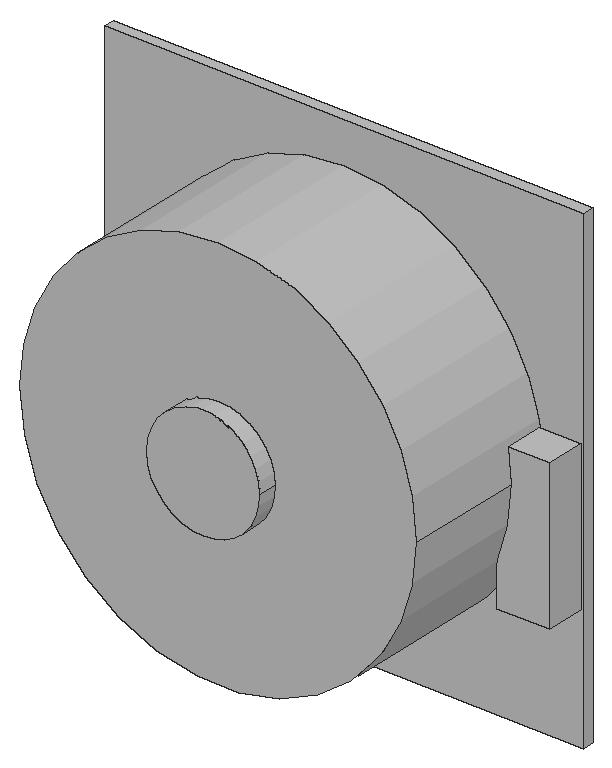
Revit family "ef-30_40b(t)sxc2_d(t)sxc2-f_50Hz", category 機械設備, Revit 2019
Family settings
  丸型コネクタ寸法 = 直径を使用
  パーツ タイプ = 標準
  OmniClass 番号 = 23.75.35.21.17
  OmniClass タイトル = Industrial Ventilating Equipment
  作業面ベース = いいえ
  常に垂直 = はい
  ロード時にボイドで切り取り = はい
  共有 = いいえ
  部屋計算ポイント = はい
Parameters (values of type "EF-30BSXC2-F")
  騒音レベル(dB(A)) [instance] = 39.5
  風量 [instance] = 設計風量  # 0.0 m³/h
  電源種別 [instance] = ""
  電圧 = 100 V
  電動機出力 = 50 W
  電動機_種別 [instance] = ""
  運転質量 = 0.00 kg
  連動 [instance] = ""
  質量 = if(製品質量 > 運転質量, 製品質量, 運転質量) * 1.2  # 6.48 kg
  負荷分類 = 3_ファン類
  説明 = "産業用有圧換気扇 低騒音形ステンレスタイプ オールステンレス高耐食タイプ 排気専用"
  設計風量 [instance] = 0.0 m³/h
  設置方法 = "壁付"
  記号 [instance] = ""
  製造元 = "三菱電機株式会社"
  製品質量 = 5.40 kg
  製品出荷対象 = "国内"
  製品リリース年月 = "2022年6月1日"
  製品グループ = ""
  羽根径 = "∅300"
  レグ_Depth = 147.5 mm
  系統 [instance] = ""
  符号 [instance] = if(☑給気／□排気, "FS", "FE")  # "FE"
  積算_科目 = ""
  積算_拾い区分 [instance] = ""
  相 = 1
  盤記号 [instance] = ""
  盤工事区分 = ""
  発停方法 [instance] = ""
  特殊仕様 [instance] = ""
  火災停止 [instance] = ""
  消費電力 = 61 W
  法定耐用年数 = "15"
  極数 = 2
  極 = 4
  材質 [instance] = ""
  操作・制御方式 = ""
  操作・制御スイッチ = ""
  排気量 [instance] = if(☑給気／□排気, 0.0 m³/h, 設計風量)  # 0.0 m³/h
  形式 = ""
  幹線記号 [instance] = ""
  対象室 [instance] = ""
  実風量 [instance] = 0.0 m³/h
  始動方式 [instance] = "直入"
  外気量 [instance] = if(☑給気／□排気, 設計風量, 0.0 m³/h)  # 0.0 m³/h
  呼称 = "有圧扇"
  周波数 = 50 Hz
  参照している仕様書等のバージョン = ""
  分類コード = "50052503100110"
  分類グループ = ""
  価格 = 245000
  企業コード = "108420"
  付属品_防振装置 = ""
  付属品 [instance] = ""
  仕様書バージョン = "Version1.0"
  レグ_Width = 413 mm
  レグ_Height = 413 mm
  モーター径 = 99 mm
  モデル = "EF-30BSXC2-F"
  ボックス_Width = 46.1 mm
  ボックス_Height = 130.6 mm
  ボックス_Depth = 44.8 mm
  フレームの厚さ = 10 mm
  ファンの種類 = "軸流羽根"
  コメント [instance] = ""
  Keynote = ""
  オリフィス_Depth = 50 mm
  ☑給気／□排気 [instance] = no
  Width = 420 mm
  Version = ""
  Uniclass2015Version = "Systems v1.9"
  Uniclass2015Title = "Propeller fans"
  Uniclass2015Code = "Pr_65_67_29_67"
  URL = "https://www.mitsubishielectric.co.jp/ldg/wink/ssl/displayProduct.do?pid=319155"
  SpecificationReference = ""
  SpecificationDescription = ""
  Revision = ""
  ProductInformation = ""
  OmniClassCode = "23-33 31 19 11 17"
  MIN風量 = 0.0 m³/h
  MID風量 = 0.0 m³/h
  MAX風量 = 1680.0 m³/h
  IfcTypeProduct = ""
  IfcProduct = ""
  IfcExportType = "TUBEAXIAL"
  IfcExportAs = "IfcFanType"
  Height = 420 mm
  オリフィス径 = 348 mm
  Depth = 164 mm
  Box_W = 162 mm
  Box_H = 108.2 mm
  Author = "三菱電機株式会社"
Types (6, lengths in mm): name | 騒音レベル(dB(A)) | 電圧 | 電動機出力 | 質量 | 製品質量 | 羽根径 | レグ_Depth | 相 | 消費電力 | 極数 | 価格 | モーター径 | モデル | ボックス_Width | ボックス_Height | ボックス_Depth | オリフィス_Depth | Width | URL | MAX風量 | Height | オリフィス径 | Depth | Box_W | Box_H
  EF-30BSXC2-F | 39.5 | 100 V | 50 W | 6.48 kg | 5.40 kg | "∅300" | 147.5 | 1 | 61 W | 2 | 245000 | 99 | "EF-30BSXC2-F" | 46.1 | 130.6 | 44.8 | 50 | 420 | "https://www.mitsubishielectric.co.jp/ldg/wink/ssl/displayProduct.do?pid=319155" | 1680.0 m³/h | 420 | 348 | 164 | 162 | 108.2
  EF-40DSXC2-F | 48.5 | 100 V | 200 W | 15.00 kg | 12.50 kg | "∅400" | 198.5 | 1 | 127 W | 2 | 303000 | 113 | "EF-40DSXC2-F" | 46.7 | 131.4 | 57.8 | 70 | 520 | "https://www.mitsubishielectric.co.jp/ldg/wink/ssl/displayProduct.do?pid=318476" | 3760.0 m³/h | 520 | 476 | 225 | 213.3 | 184.8
  EF-30BTXC2-F_200V | 39.5 | 200 V | 50 W | 6.60 kg | 5.50 kg | "∅300" | 147.5 | 3 | 56 W | 3 | 245000 | 99 | "EF-30BTXC2-F" | 46.1 | 130.6 | 44.8 | 50 | 420 | "https://www.mitsubishielectric.co.jp/ldg/wink/ssl/displayProduct.do?pid=319161" | 1680.0 m³/h | 420 | 348 | 164 | 162 | 108.2
  EF-40DTXC2-F_200V | 49.5 | 200 V | 200 W | 15.00 kg | 12.50 kg | "∅400" | 198.5 | 3 | 125 W | 3 | 303000 | 113 | "EF-40DTXC2-F" | 46.7 | 131.4 | 57.8 | 70 | 520 | "https://www.mitsubishielectric.co.jp/ldg/wink/ssl/displayProduct.do?pid=318482" | 3760.0 m³/h | 520 | 476 | 225 | 213.3 | 184.8
  EF-30BTXC2-F_220V | 41 | 220 V | 50 W | 6.60 kg | 5.50 kg | "∅300" | 147.5 | 3 | 70.6 W | 3 | 245000 | 99 | "EF-30BTXC2-F" | 46.1 | 130.6 | 44.8 | 50 | 420 | "https://www.mitsubishielectric.co.jp/ldg/wink/ssl/displayProduct.do?pid=319161" | 1680.0 m³/h | 420 | 348 | 164 | 162 | 108.2
  EF-40DTXC2-F_220V | 49.5 | 220 V | 200 W | 15.00 kg | 12.50 kg | "∅400" | 198.5 | 3 | 135 W | 3 | 303000 | 113 | "EF-40DTXC2-F" | 46.7 | 131.4 | 57.8 | 70 | 520 | "https://www.mitsubishielectric.co.jp/ldg/wink/ssl/displayProduct.do?pid=318482" | 3760.0 m³/h | 520 | 476 | 225 | 213.3 | 184.8
Reference planes
  plane 1 "中心(正面/背面)": y = 0
  plane 2: z = 0
  plane 3 "中心(左/右)": x = 0
  plane 4: z = 0
  plane 5: through (212.832, -1524, 243.759) normal (-0.6508, 0, -0.7593)
  plane 6: through (-212.884, -1524, -243.751) normal (0.6508, 0, 0.7593)
  plane 7: through (208.307, -1524, -247.63) normal (-0.6508, 0, 0.7593)
  plane 8: z = 210
  plane 9: z = -210
  plane 10 "左": x = -210
  plane 11 "右": x = 210
  plane 12 "正面": y = -164
  plane 13: y = -10
  plane 14: through (-208.307, -1524, -247.63) normal (-0.6508, 0, -0.7593)
  plane 15: y = 86
  plane 16: y = 186
  plane 17: x = -250
  plane 18: x = 250
  plane 19: y = -44.8
  plane 20: y = -147.5
  plane 21: x = 162
  plane 22: x = 208.1
  plane 23: z = 28.8
  plane 24: z = -101.8
Forms (mm)
  Extrusion 1, solid, detail levels fine
    sketch origin (0, 0, 0) x (1, 0, 0) y (0, 1, 0)
      loop
        line (-210, 0) -> (-210, -10) -> (210, -10) -> (210, 0) -> (-210, 0)
    from -210 to 210
  Extrusion 2, solid, detail levels fine
    sketch origin (140, -23.659, 0) x (-1, 0, 0) y (0, 0, -1)
      loop
        circle (140, 0) r 49.5
    from 123.841 to 140.341
  Extrusion 3, solid
    sketch origin (0, -153.783, 0) x (1, 0, 0) y (0, 0, 1)
      loop
        circle (0, 0) r 174
    from -143.783 to -6.283
  Extrusion 4, solid
    sketch origin (0, -164, 0) x (0, 0, -1) y (1, 0, 0)
      loop
        line (-28.8, 162) -> (101.8, 162) -> (101.8, 208.1) -> (-28.8, 208.1) -> (-28.8, 162)
    from -154 to -119.2
Cuts and joins
  joined: Extrusion 3, Extrusion 4
Lines and regions (mm)
  Masking region 1, detail levels coarse+medium
    outline origin (0, 0, 0) x (1, 0, 0) y (0, 1, 0)
      loop
        line (-250, -164) -> (250, -164) -> (250, 86) -> (-250, 86) -> (-250, -164)
  Masking region 2, detail levels coarse+medium
    outline origin (0, 0, 0) x (1, 0, 0) y (0, 1, 0)
      loop
        line (-174, 86) -> (174, 86) -> (174, 186) -> (-174, 186) -> (-174, 86)
  symbolic lines, detail levels coarse+medium
    curve 1: circle (174, -163.5, 0) r 115 normal (0, 0, 1)
    curve 2: circle (-174, -163.5, 0) r 115 normal (0, 0, -1)
Dimensions and locks
  level to plane 4 = 0 mm
  equal spacing: plane 8, level, plane 9
  "Depth": plane 12 "正面" to plane 1 "中心(正面/背面)"  (x2)
  "Width": plane 10 "左" to plane 11 "右"
  "Height": plane 8 to plane 9
  "フレームの厚さ": plane 13 to plane 1 "中心(正面/背面)"
  plane 12 "正面" to plane 15 to plane 16 = 250 mm locked, 100 mm locked
  locked: plane 17 to plane 18 at 500
  "レグ_Depth": plane 1 "中心(正面/背面)" to plane 20
  equal spacing: plane 10 "左", plane 3 "中心(左/右)", plane 11 "右"
  "ボックス_Width": plane 22 to plane 21
  "ボックス_Height": plane 23 to plane 24
  "Box_H": plane 24 to plane 9
  "Box_W": plane 21 to plane 3 "中心(左/右)"
  "ボックス_Depth": plane 1 "中心(正面/背面)" to plane 19
  "オリフィス径": diameter of Extrusion 3 sketch curve
  "モーター径": diameter of Extrusion 2 sketch curve
  aligned and locked: level to plane 2
  aligned and locked: Extrusion 1 to plane 8
  aligned and locked: plane 10 "左" to Extrusion 1
  aligned and locked: Extrusion 1 to plane 11 "右"
  aligned and locked: plane 9 to Extrusion 1
  aligned and locked: Extrusion 1 to plane 13
  aligned and locked: Extrusion 1 to plane 1 "中心(正面/背面)"  (x5)
  aligned and locked: plane 12 "正面" to Extrusion 2
  aligned and locked: plane 1 "中心(正面/背面)" to Extrusion 1  (x2)
  aligned and locked: plane 4 to Extrusion 2 sketch curve
  aligned and locked: plane 12 "正面" to Masking region 1 sketch curve
  aligned and locked: Masking region 1 sketch curve to plane 17
  aligned and locked: plane 15 to Masking region 1 sketch curve
  aligned and locked: plane 18 to Masking region 1 sketch curve
  aligned and locked: Masking region 2 sketch curve to plane 15
  aligned and locked: plane 16 to Masking region 2 sketch curve
  aligned and locked: Extrusion 3 to Extrusion 1
  aligned and locked: plane 20 to Extrusion 2
  aligned and locked: Extrusion 3 to plane 20
  aligned and locked: Extrusion 4 sketch curve to plane 23
  aligned and locked: plane 21 to Extrusion 4 sketch curve
  aligned and locked: plane 24 to Extrusion 4 sketch curve
  aligned and locked: Extrusion 4 sketch curve to plane 22
  aligned and locked: plane 13 to Extrusion 4
  aligned and locked: Extrusion 4 to plane 19
Automatic sketch dimensions
  Extrusion 1 sketch curve to plane 10 "左" = 0 mm
  Extrusion 1 sketch curve to plane 11 "右" = 0 mm
  Extrusion 1 sketch curve to plane 13 = 0 mm
  plane 1 "中心(正面/背面)" to Extrusion 1 sketch curve = 0 mm
  Extrusion 3 sketch curve to level = 0 mm
  Extrusion 3 sketch curve to plane 3 "中心(左/右)" = 0 mm
  curve 2 to plane 20 = 16 mm
  curve 1 to plane 20 = 16 mm
  curve 2 to plane 10 "左" = 36 mm
  Masking region 2 sketch curve to plane 10 "左" = 36 mm
  plane 11 "右" to curve 1 = 36 mm
  plane 11 "右" to Masking region 2 sketch curve = 36 mm
  Extrusion 2 sketch curve to plane 3 "中心(左/右)" = 0 mm
  radius of curve 1 = 115 mm
  radius of curve 2 = 115 mm
Connectors
  electrical at (210, -5, 0), driven by "電圧", driven by "負荷分類", driven by "消費電力", driven by "極数"
    settings: on Extrusion 1, index 2, voltage 100 V, apparent load 61 VA, apparent load phase1 0 VA, apparent load phase2 0 VA, apparent load phase3 0 VA, power factor 1, load classification "3_ファン類", number of poles 2, system type 30, power factor state 1, is connector primary yes, connector utility no, sub classification motor no, connector description ""
